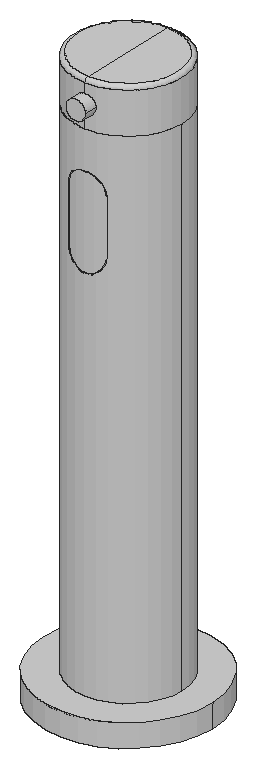
Revit family "G16015E G-SERIES ELECTRONIC WALL MOUNTED SOAP DISPENSER", category Specialty Equipment, host Face, Revit 2019
Family settings
  Host = Face
  Round Connector Dimension = Use Radius
  Part Type = Normal
  OmniClass Number = 23.40.20.21.34
  OmniClass Title = Soap Holders, Dispensers
  Cut with Voids When Loaded = No
  Shared = No
  Room Calculation Point = No
Parameters (values of type "G16015E G-SERIES ELECTRONIC WALL MOUNTED SOAP DISPENSER")
  URL = "https://www.caroma.com.au/"
  Model = "G16015E"
  Material_Base = GWA_Metal-Chrome
  Manufacturer = "GWA Bathrooms & Kitchens"  # constant formula
  Keynote = ""
  Description = "G-SERIES ELECTRONIC WALL MOUNTED SOAP DISPENSER"
  Default Elevation = 1000 mm
  CreatedBy_ANZRS = "GWA Bathrooms & Kitchens"  # constant formula
  Assembly Code = "C1030220"
Reference planes
  plane 1 "Center (Front/Back)": y = 0
  plane 2: z = 0
  plane 3 "Center (Left/Right)": x = 0
Forms (mm)
  Extrusion 1, solid, material "GWA_Metal-Chrome" <- "Material_Base"
    sketch origin (0, 0, 0) x (1, 0, 0) y (0, 1, 0)
      loop
        circle (0, 0) r 22
    from 0 to 6
  Extrusion 2, solid, material "GWA_Metal-Chrome" <- "Material_Base"
    sketch origin (0, 0, 0) x (1, 0, 0) y (0, 1, 0)
      loop
        circle (0, 0) r 14
    from 6 to 138.3
  Revolve 3, solid, material "GWA_Metal-Chrome" <- "Material_Base"
    sketch origin (0, 0, 0) x (0, 1, 0) y (0, 0, 1)
      loop
        line (-14, 138.3) -> (0, 138.3) -> (0, 150) -> (-13, 150)
        arc (-13, 150) -> (-13.707, 149.707) -> (-14, 149) r 1
        line (-14, 149) -> (-14, 138.3)
      axis (0, 150) -> (0, 138.3)
    angle from 0 to 360
  Extrusion 4, solid, material "GWA_Metal-Chrome" <- "Material_Base"
    sketch origin (0, 0, 0) x (1, 0, 0) y (0, 0, 1)
      loop
        circle (0, 144) r 2.5
    from 17 to 0
  Extrusion 5, void
    sketch origin (0, 0, 0) x (1, 0, 0) y (0, 0, 1)
      loop
        arc (-5, 109.6) -> (0, 104.6) -> (5, 109.6) r 5
        line (5, 109.6) -> (5, 123.6)
        arc (5, 123.6) -> (0, 128.6) -> (-5, 123.6) r 5
        line (-5, 123.6) -> (-5, 109.6)
      loop
        arc (4.8, 123.6) -> (0, 128.4) -> (-4.8, 123.6) r 4.8
        line (-4.8, 123.6) -> (-4.8, 109.6)
        arc (-4.8, 109.6) -> (0, 104.8) -> (4.8, 109.6) r 4.8
        line (4.8, 109.6) -> (4.8, 123.6)
    from 17 to 0
Cuts and joins
  Extrusion 5 cuts Extrusion 2
  joined: Revolve 3, Extrusion 4
Lines and regions (mm)
  Masking region 1
    outline origin (0, 0, 0) x (1, 0, 0) y (0, 1, 0)
      loop
        circle (0, 0) r 22
  Masking region 2
    outline origin (0, 0, 0) x (1, 0, 0) y (0, 0, 1)
      loop
        line (22, 6) -> (14, 6) -> (14, 149)
        arc (14, 149) -> (13.707, 149.707) -> (13, 150) r 1
        line (13, 150) -> (-13, 150)
        arc (-13, 150) -> (-13.707, 149.707) -> (-14, 149) r 1
        line (-14, 149) -> (-14, 6) -> (-22, 6) -> (-22, 0) -> (22, 0) -> (22, 6)
  Masking region 3
    outline origin (0, 0, 0) x (0, 1, 0) y (0, 0, 1)
      loop
        line (-14, 149) -> (-14, 146.5) -> (-17, 146.5) -> (-17, 141.5) -> (-14, 141.5) -> (-14, 6) -> (-22, 6) -> (-22, 0) -> (22, 0) -> (22, 6) -> (14, 6) -> (14, 149)
        arc (14, 149) -> (13.707, 149.707) -> (13, 150) r 1
        line (13, 150) -> (-13, 150)
        arc (-13, 150) -> (-13.707, 149.707) -> (-14, 149) r 1
  symbolic lines
    curve 1: circle (0, 0, 0) r 22 normal (0, 0, 1)
    curve 2: circle (0, 0, 0) r 14 normal (0, 0, 1)
    curve 3: line (-2.5, -17, 0) -> (2.5, -17, 0)
    curve 4: line (2.5, -17, 0) -> (2.5, -13.775, 0)
    curve 5: line (-2.5, -17, 0) -> (-2.5, -13.775, 0)
    curve 6: line (22, 0, 6) -> (-22, 0, 6)
    curve 7: line (22, 0, 0) -> (22, 0, 6)
    curve 8: line (-22, 0, 0) -> (22, 0, 0)
    curve 9: line (-22, 0, 6) -> (-22, 0, 0)
    curve 10: line (14, 0, 138.3) -> (-14, 0, 138.3)
    curve 11: line (14, 0, 149) -> (14, 0, 138.3)
    curve 12: line (-13, 0, 150) -> (13, 0, 150)
    curve 13: line (-14, 0, 138.3) -> (-14, 0, 149)
    curve 14: arc (14, 0, 149) -> (13.707, 0, 149.707) -> (13, 0, 150) r 1
    curve 15: arc (-13, 0, 150) -> (-13.707, 0, 149.707) -> (-14, 0, 149) r 1
    curve 16: line (14, 0, 138.3) -> (14, 0, 6)
    curve 17: line (-14, 0, 138.3) -> (-14, 0, 6)
    curve 18: line (0, -22, 6) -> (0, 22, 6)
    curve 19: line (0, -22, 0) -> (0, -22, 6)
    curve 20: line (0, 22, 0) -> (0, -22, 0)
    curve 21: line (0, 22, 6) -> (0, 22, 0)
    curve 22: line (0, -14, 138.3) -> (0, 14, 138.3)
    curve 23: line (0, 14, 138.3) -> (0, 14, 6)
    curve 24: line (0, -14, 138.3) -> (0, -14, 6)
    curve 25: line (0, 14, 138.3) -> (0, 14, 149)
    curve 26: line (0, 13, 150) -> (0, -13, 150)
    curve 27: line (0, -14, 149) -> (0, -14, 146.5)
    curve 28: line (0, -17, 146.5) -> (0, -14, 146.5)
    curve 29: line (0, -17, 146.5) -> (0, -17, 141.5)
    curve 30: line (0, -17, 141.5) -> (0, -14, 141.5)
    curve 31: arc (0, -14, 146.5) -> (0, -13.775, 144) -> (0, -14, 141.5) r 14
    curve 32: arc (0, -14, 149) -> (0, -13.707, 149.707) -> (0, -13, 150) r 1
    curve 33: arc (0, 13, 150) -> (0, 13.707, 149.707) -> (0, 14, 149) r 1
    curve 34: line (0, -13.077, 109.6) -> (0, -13.077, 123.6)
    curve 35: arc (0, -14, 128.6) -> (0, -13.309, 126.142) -> (0, -13.077, 123.6) r 14
    curve 36: arc (0, -14, 104.6) -> (0, -13.309, 107.058) -> (0, -13.077, 109.6) r 14
    curve 37: line (0, -14, 141.5) -> (0, -14, 138.3)
Dimensions and locks
  aligned and locked: plane 2 to host face
  aligned and locked: level to host face
